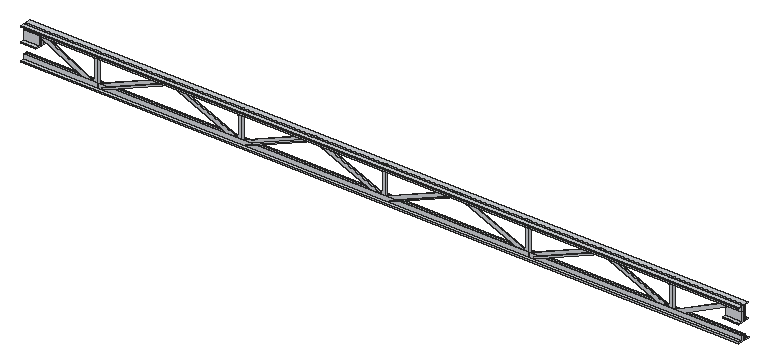
Revit family "4e0daa977d854de9ae36f32a67047441", category Structural Framing, Revit 2021
Family settings
  Structural Framing Length Roundoff = 0' - 0 1/16"
  Section Shape = Not Defined
  Material for Model Behavior = Steel
  Always export as geometry = Yes
  OmniClass Number = 23.25.30.21.14.11
  OmniClass Title = Metal Joists
  Seek Item ID = BG Joist Girder-0000-USA-ENU
  Always vertical = Yes
  Cut with Voids When Loaded = No
  Symbolic Representation = From Family
  Shared = No
  Show family pre-cut in plan views = Yes
Parameters (values of type "16BG")
  Web Thickness = 0' - 1"
  Vertical Member Visibility = yes
  Structural Material = none
  Start Offset [instance] = 0' - 0"
  Top Chord Start Extension [instance] = 0' - 0"
  SpaceNum [instance] = 2 * HalfSpaceNum  # 10
  Seat Length = 0' - 8"
  Seat Depth [instance] = 0' - 7 1/2"
  PanelWidth [instance] = Length / SpaceNum  # 3' - 0"
  PanelArrayNum [instance] = SpaceNum - 3  # 7
  Panel Point Load [instance] = 4.00 kip
  Offset Length 2 [instance] = End Panel - End Offset + Bottom Chord End Extension  # 3' - 0"
  Offset Length 1 [instance] = End Panel - Start Offset + Bottom Chord Start Extension  # 3' - 0"
  HalfSpaceNum [instance] = 5
  Girder Type = "BG"
  Depth = 1' - 4"
  Bottom Chord Start Extension [instance] = 0' - 0"
  Bottom Chord End Extension [instance] = 0' - 0"
  PanelArrayNum 2 [instance] = Half PanelArrayNum - 1  # 3
  PanelArrayNum 1 [instance] = Half PanelArrayNum  # 4
  Half PanelArrayNum [instance] = PanelArrayNum / 2  # 4
  End Panel [instance] = PanelWidth  # 3' - 0"
  End Offset [instance] = 0' - 0"
  Top Chord End Extension [instance] = 0' - 0"
  Cord Leg = 0' - 2 1/2"
  Chord Thickness = 0' - 0 1/2"
  Assembly Code = "B1010350"
  Length [instance] = 30' - 0"
Reference planes (in)
  plane 1 "Center (Front/Back)": y = 0
  plane 2: z = 0
  plane 3 "Center (Left/Right)": x = 18.04904
  plane 4 "Member Left": x = -135.95096
  plane 5 "Member Right": x = 140.1815
  plane 6: y = 3
  plane 7: y = -3
  plane 8: z = 8
  plane 9: z = -8
  plane 10 "Left": x = -161.95096
  plane 11 "Stick Symbol Left": x = -220.8185
  plane 12 "Stick Symbol Right": x = 260.1815
  plane 13 "Right": x = 198.04904
  plane 14: z = 0.5
  plane 15: x = -153.95096
  plane 16: x = -125.95096
  plane 17: x = 190.04904
  plane 18: x = 162.04904
  plane 19: y = 0.5
  plane 20: y = -0.5
  plane 21: z = 5.5
  plane 22: z = -5.5
  plane 23: z = -7.75
  plane 24: z = 7.75
  plane 25: x = -161.95096
  plane 26: x = 198.04904
  plane 27: x = -161.95096
  plane 28: x = 198.04904
  plane 29 "111111111": x = 126.04904
  plane 30: x = 90.04904
  plane 31: x = -89.95096
  plane 32: x = -161.95096
  plane 33: x = 198.04904
  plane 34: x = -53.95096
  plane 35: x = -17.95096
  plane 36: x = -220.8185
  plane 37 "Symbol Left": x = -220.8185
  plane 38 "Symbol Right": x = 260.1815
  plane 39: x = 260.1815
Forms (in)
  Extrusion 1, solid, material <- "Structural Material", detail levels medium+fine
    sketch origin (18.04904, 0, 0) x (0, 1, 0) y (0, 0, 1)
      loop
        line (3, 8) -> (0.5, 8) -> (0.5, 5.5) -> (1, 5.5) -> (1, 7.5) -> (3, 7.5) -> (3, 8)
      loop
        line (-3, 8) -> (-3, 7.5) -> (-1, 7.5) -> (-1, 5.5) -> (-0.5, 5.5) -> (-0.5, 8) -> (-3, 8)
    from -180 to 180
  Extrusion 2, solid, material <- "Structural Material", detail levels medium+fine
    sketch origin (18.04904, 0, 0) x (0, 1, 0) y (0, 0, 1)
      loop
        line (0.5, -5.5) -> (0.5, -8) -> (3, -8) -> (3, -7.5) -> (1, -7.5) -> (1, -5.5) -> (0.5, -5.5)
      loop
        line (-0.5, -5.5) -> (-1, -5.5) -> (-1, -7.5) -> (-3, -7.5) -> (-3, -8) -> (-0.5, -8) -> (-0.5, -5.5)
    from -180 to 180
  Extrusion 3, solid, material <- "Structural Material", detail levels medium+fine
    sketch origin (18.04904, 0, 0) x (0, 1, 0) y (0, 0, 1)
      loop
        line (3, 0.5) -> (3, 1) -> (1, 1) -> (1, 5.5) -> (0.5, 5.5) -> (0.5, 0.5) -> (3, 0.5)
      loop
        line (-3, 0.5) -> (-0.5, 0.5) -> (-0.5, 5.5) -> (-1, 5.5) -> (-1, 1) -> (-3, 1) -> (-3, 0.5)
    from 172 to 180
  Extrusion 4, solid, material <- "Structural Material", detail levels medium+fine
    sketch origin (18.04904, 0, 0) x (0, 1, 0) y (0, 0, 1)
      loop
        line (-3, 0.5) -> (-0.5, 0.5) -> (-0.5, 5.5) -> (-1, 5.5) -> (-1, 1) -> (-3, 1) -> (-3, 0.5)
      loop
        line (0.5, 0.5) -> (3, 0.5) -> (3, 1) -> (1, 1) -> (1, 5.5) -> (0.5, 5.5) -> (0.5, 0.5)
    from -180 to -172
  Sweep 5, solid, material <- "Structural Material", detail levels fine
    path in 3D
      loop
        line (162.04904, 0, -7.75) -> (190.04904, 0, 5.5)
    profile "Web-Profile : Web-Profile" origin (176.04904, 0, -1.125) x (-0.427739, 0, 0.903902) y (0, -1, 0)
      loop
        line (-1, 0.75) -> (-1, 0.25) -> (1, 0.25) -> (1, 0.75) -> (-1, 0.75)
  Sweep 6, solid, material <- "Structural Material", detail levels fine
    path in 3D
      loop
        line (-153.95096, 0, 5.5) -> (-125.95096, 0, -7.75)
    profile "Web-Profile : Web-Profile" origin (-139.95096, 0, -1.125) x (0.427739, 0, 0.903902) y (0, -1, 0)
      loop
        line (-1, 0.25) -> (-1, -0.25) -> (1, -0.25) -> (1, 0.25) -> (-1, 0.25)
Lines and regions (in)
  symbolic lines, style "StructuralFraming", detail levels coarse
    curve 1: line (0, 3, 8) -> (0, 0.5, 8)
    curve 2: line (0, -3, -8) -> (0, -0.5, -8)
    curve 12: line (0, 0.5, -8) -> (0, 3, -8)
    curve 13: line (18.04904, 0.5, -8) -> (18.04904, 0.5, -5.5)
    curve 14: line (18.04904, -0.5, -8) -> (18.04904, -0.5, -5.5)
    curve 15: line (18.04904, -0.5, 8) -> (18.04904, -0.5, 5.5)
    curve 16: line (18.04904, 0.5, 8) -> (18.04904, 0.5, 5.5)
    curve 17: line (0, -0.5, 8) -> (0, -3, 8)
  symbolic lines, style "StructuralFraming", detail levels coarse+medium
    curve 3: line (0, 0, -8) -> (0, 0, 8)
  reference lines
    curve 4: line (-212.8185, 0, -12.86251) -> (-212.8185, 0, 11.13749)
    curve 5: line (-176.8185, 0, -13.11251) -> (-176.8185, 0, 11.13749)
    curve 6: line (252.1815, 0, -10.77905) -> (252.1815, 0, 11.22095)
    curve 7: line (216.1815, 0, -15.77905) -> (216.1815, 0, 11.22095)
  model lines, style "Joist Girder", detail levels coarse
    curve 8: line (216.1815, 0, -8) -> (-176.8185, 0, -8)
    curve 9: line (260.1815, 0, 8) -> (-220.8185, 0, 8)
  model lines, style "StructuralFraming", detail levels medium
    curve 10: line (-153.95096, 0, 5.5) -> (-125.95096, 0, -7.75)
    curve 11: line (162.04904, 0, -7.75) -> (190.04904, 0, 5.5)
  model lines, style "Web Joist", detail levels coarse
    curve 18: line (-176.8185, 0, -8) -> (-212.8185, 0, 8)
    curve 19: line (216.1815, 0, -8) -> (252.1815, 0, 8)
  sketch lines
    curve 20: line (162.04904, 0, -7.75) -> (190.04904, 0, 5.5)
    curve 21: line (-153.95096, 0, 5.5) -> (-125.95096, 0, -7.75)
  symbolic lines, detail levels fine
    curve 22: line (18.04904, 0.5, 7.75) -> (18.04904, -0.5, 7.75)
    curve 23: line (18.04904, 0.5, -7.75) -> (18.04904, -0.5, -7.75)
    curve 24: line (18.04904, 0.5, -5.5) -> (18.04904, 0.5, 5.5)
    curve 25: line (18.04904, -0.5, -5.5) -> (18.04904, -0.5, 5.5)
Dimensions and locks (in)
  equal spacing: plane 9, plane 2, plane 8
  "Length": plane 10 "Left" to plane 13 "Right"
  equal spacing: plane 10 "Left", plane 3 "Center (Left/Right)", plane 13 "Right"
  "End Panel": curve 5 to curve 4
  "End Panel": curve 6 to curve 7
  "Depth": plane 9 to plane 8
  "Seat Depth": plane 8 to plane 14
  "End Panel": plane 10 "Left" to plane 16
  "End Panel": plane 13 "Right" to plane 18
  "Web Thickness": plane 19 to plane 20
  equal spacing: plane 19, plane 1 "Center (Front/Back)", plane 20
  "Cord Leg": plane 20 to plane 7
  "Cord Leg": plane 6 to plane 19
  "Cord Leg": plane 9 to plane 22
  "Cord Leg": plane 21 to plane 8
  "Chord Thickness": plane 8 to Extrusion 1 sketch curve
  "Chord Thickness": Extrusion 1 sketch curve to plane 8
  "Chord Thickness": plane 20 to Extrusion 1 sketch curve
  "Chord Thickness": Extrusion 1 sketch curve to plane 19
  "Chord Thickness": plane 9 to Extrusion 2 sketch curve  (x2)
  "Chord Thickness": Extrusion 2 sketch curve to plane 19
  "Chord Thickness": plane 20 to Extrusion 2 sketch curve
  "Chord Thickness": plane 14 to Extrusion 3 sketch curve  (x2)
  "Chord Thickness": plane 20 to Extrusion 3 sketch curve
  "Chord Thickness": Extrusion 3 sketch curve to plane 19
  "Chord Thickness": plane 14 to Extrusion 4 sketch curve  (x2)
  "Chord Thickness": Extrusion 4 sketch curve to plane 19
  "Chord Thickness": plane 20 to Extrusion 4 sketch curve
  locked: plane 23 to plane 9 at 0.25
  locked: plane 8 to plane 24 at 0.25
  "Start Offset": plane 10 "Left" to plane 27
  "Seat Length": plane 27 to plane 15
  "Top Chord Start Extension": plane 25 to plane 27
  "End Offset": plane 28 to plane 13 "Right"
  "Seat Length": plane 17 to plane 28
  "Top Chord End Extension": plane 28 to plane 26
  "PanelWidth": plane 18 to plane 29 "111111111"
  "PanelWidth": plane 29 "111111111" to plane 30
  "PanelWidth": plane 16 to plane 31
  "Offset Length 1": plane 16 to plane 32
  "Offset Length 2": plane 33 to plane 18
  "PanelWidth": plane 34 to plane 31
  "PanelWidth": plane 35 to plane 34
  equal spacing: group 1, group 2, group 3, group 6  (x3)
  equal spacing: group 4, group 5, group 7  (x3)
  plane 30 to plane 16 = 18' - 0"
  "Seat Length": curve 4 to plane 36
  "Start Offset": plane 36 to plane 11 "Stick Symbol Left"
  "Top Chord Start Extension": plane 36 to plane 37 "Symbol Left"
  "Seat Length": plane 39 to curve 6
  "End Offset": plane 12 "Stick Symbol Right" to plane 39
  "Top Chord End Extension": plane 38 "Symbol Right" to plane 39
  aligned and locked: curve 8 to plane 9
  aligned and locked: curve 9 to plane 8
  aligned and locked: curve 5 to curve 8
  aligned and locked: curve 7 to curve 8
  aligned and locked: plane 8 to Extrusion 1 sketch curve
  aligned and locked: Extrusion 1 sketch curve to plane 8
  aligned and locked: plane 6 to Extrusion 1 sketch curve
  aligned and locked: plane 7 to Extrusion 1 sketch curve
  aligned and locked: Extrusion 1 sketch curve to plane 21
  aligned and locked: plane 21 to Extrusion 1 sketch curve
  aligned and locked: plane 9 to Extrusion 2 sketch curve
  aligned and locked: Extrusion 2 sketch curve to plane 9
  aligned and locked: plane 6 to Extrusion 2 sketch curve
  aligned and locked: plane 7 to Extrusion 2 sketch curve
  aligned and locked: Extrusion 2 sketch curve to plane 19
  aligned and locked: Extrusion 2 sketch curve to plane 20
  aligned and locked: Extrusion 2 sketch curve to plane 22
  aligned and locked: plane 22 to Extrusion 2 sketch curve
  aligned and locked: Extrusion 3 sketch curve to plane 7
  aligned and locked: plane 14 to Extrusion 3 sketch curve
  aligned and locked: Extrusion 3 sketch curve to plane 14
  aligned and locked: Extrusion 3 sketch curve to plane 6
  aligned and locked: Extrusion 3 sketch curve to plane 20
  aligned and locked: Extrusion 3 sketch curve to plane 19
  aligned and locked: Extrusion 3 sketch curve to plane 21
  aligned and locked: plane 21 to Extrusion 3 sketch curve
  aligned and locked: Extrusion 3 to plane 17
  aligned and locked: plane 6 to Extrusion 4 sketch curve
  aligned and locked: Extrusion 4 sketch curve to plane 7
  aligned and locked: Extrusion 4 sketch curve to plane 19
  aligned and locked: plane 20 to Extrusion 4 sketch curve
  aligned and locked: plane 21 to Extrusion 4 sketch curve  (x2)
  aligned and locked: Extrusion 4 sketch curve to plane 14  (x2)
  aligned and locked: plane 15 to Extrusion 4
  aligned and locked: Extrusion 2 to curve 13
  aligned and locked: curve 13 to Extrusion 2
  aligned and locked: curve 2 to curve 14
  aligned and locked: curve 14 to Extrusion 2
  aligned and locked: Extrusion 1 to curve 15
  aligned and locked: curve 15 to Extrusion 1
  aligned and locked: curve 16 to Extrusion 1  (x2)
  aligned and locked: curve 1 to Extrusion 1
  aligned and locked: curve 11 to Extrusion 3
  aligned and locked: curve 4 to curve 18
  aligned and locked: curve 6 to curve 19
  aligned and locked: plane 25 to Extrusion 1
  aligned and locked: Extrusion 3 to plane 26
  aligned and locked: Extrusion 1 to plane 26
  aligned and locked: plane 25 to Extrusion 4
  aligned and locked: plane 15 to curve 10
  aligned and locked: Extrusion 1 to curve 10
  aligned and locked: plane 17 to curve 11
  aligned and locked: plane 16 to curve 10
  aligned and locked: plane 23 to curve 10
  aligned and locked: nested 1 to plane 16
  aligned and locked: plane 1 "Center (Front/Back)" to nested 1
  aligned and locked: plane 9 to nested 1
  aligned and locked: nested 2 to plane 31
  aligned and locked: plane 9 to nested 2
  aligned and locked: nested 2 to plane 1 "Center (Front/Back)"
  aligned and locked: plane 18 to curve 11
  aligned and locked: plane 23 to curve 11
  aligned and locked: Extrusion 2 to plane 32
  aligned and locked: plane 33 to Extrusion 2
  aligned and locked: plane 34 to nested 3
  aligned and locked: plane 35 to nested 5
  aligned and locked: nested 6 to plane 1 "Center (Front/Back)"
  aligned and locked: nested 6 to plane 18
  aligned and locked: plane 9 to nested 6
  aligned and locked: plane 37 "Symbol Left" to curve 9
  aligned and locked: plane 38 "Symbol Right" to curve 9
Automatic sketch dimensions
  Extrusion 1 sketch curve to plane 20 = 0' - 0"
  Extrusion 1 sketch curve to plane 19 = 0' - 0"
  curve 12 to plane 6 = 0' - 0"
  curve 1 to plane 6 = 0' - 0"
  curve 12 to plane 9 = 0' - 0"
  curve 12 to plane 19 = 0' - 0"
  curve 1 to plane 19 = 0' - 0"
  curve 17 to plane 8 = 0' - 0"
  curve 17 to plane 20 = 0' - 0"
  curve 17 to plane 7 = 0' - 0"
  plane 9 to curve 7 = 0' - 7.77905"
  plane 9 to curve 5 = 0' - 5.11251"
  plane 9 to curve 4 = 0' - 4.86251"
  plane 9 to curve 6 = 0' - 2.77905"
  curve 5 to plane 8 = 0' - 3.13749"
  curve 4 to plane 8 = 0' - 3.13749"
  curve 7 to plane 8 = 0' - 3.22095"
  curve 6 to plane 8 = 0' - 3.22095"
  curve 2 to plane 7 = 0' - 0"
  curve 2 to plane 9 = 0' - 0"
  curve 2 to plane 20 = 0' - 0"
  curve 3 to plane 1 "Center (Front/Back)" = 0' - 0"
  curve 3 to plane 9 = 0' - 0"
  curve 23 to plane 23 = 0' - 0"
  curve 25 to plane 22 = 0' - 0"
  curve 24 to plane 22 = 0' - 0"
  curve 16 to plane 21 = 0' - 0"
  curve 15 to plane 21 = 0' - 0"
  curve 22 to plane 24 = 0' - 0"
  curve 3 to plane 8 = 0' - 0"
Nested families (in)
  nested 1: "BG Angled Web 1" at (-125.95096, 0, 0), type "BG Angled Web 1"
  nested 2: "BG Angled Web 2" at (-53.95096, 0, 0) x (-1, 0, 0) z (0, 0, 1), type "BG Angled Web 2"
  nested 3: "BG Angled Web 1" at (-53.95096, 0, 0), type "BG Angled Web 1"
  nested 4: "BG Angled Web 1" at (18.04904, 0, 0), type "BG Angled Web 1"
  nested 5: "BG Angled Web 2" at (18.04904, 0, 0) x (-1, 0, 0) z (0, 0, 1), type "BG Angled Web 2"
  nested 6: "BG Angled Web-Right" at (162.04904, 0, 0) x (-1, 0, 0) z (0, 0, 1), type "BG Angled Web-Right"
  nested 7: "BG Angled Web 1" at (90.04904, 0, 0), type "BG Angled Web 1"
  nested 8: "BG Angled Web 2" at (90.04904, 0, 0) x (-1, 0, 0) z (0, 0, 1), type "BG Angled Web 2"
Definition of nested family "BG Angled Web 1"
  Parameters
    WebMaterial = none
    Web Thickness = Thickness / 2  # 0' - 0 1/2"
    Web Offset = Web Leg / 2  # 0' - 1"
    Web Leg = 0' - 2"
    Vertical Member Visibility = yes
    Thickness = 0' - 1"
    PanelHeight = 1' - 4"
    PanelWidth = 3' - 0"
    Assembly Code = ""
  Reference planes (in)
    plane 1 "Center (Front/Back)": y = 0
    plane 2: z = 0
    plane 3 "Center (Left/Right)": x = 0
    plane 4: x = 36
    plane 5: z = -8
    plane 6: z = -7
    plane 7: z = 7
    plane 8: z = 8
    plane 9: y = -0.5
    plane 10: y = 0.5
    plane 11: z = 5.5
    plane 12: z = -5.5
  Forms (in)
    Sweep 1, solid, material <- "WebMaterial", detail levels fine
      path in 3D
        loop
          line (0, 0, -7) -> (1, 0, -7) -> (35, 0, 7) -> (36, 0, 7)
      profile origin (0.5, 0, -7) x (0, 0, 1) y (0, -1, 0)
        loop
          line (1, 0) -> (1, 0.5) -> (-1, 0.5) -> (-1, 0) -> (1, 0)
    Sweep 2, solid, material <- "WebMaterial", detail levels fine
      path in 3D
        loop
          line (4.46706, -0.5, -6.65385) -> (34.54398, -0.5, 5.73077)
      profile origin (19.50552, -0.5, -0.46154) x (-0.38075, 0, 0.924678) y (0, -1, 0)
        loop
          line (0, 0) -> (0.5, 0) -> (0.5, 1.5) -> (0, 1.5) -> (0, 0)
    Sweep 3, solid, material <- "WebMaterial", visible <- "Vertical Member Visibility", detail levels fine
      path origin (0, 0, 0) x (1, 0, 0) y (0, 1, 0)
        loop
          line (0, 0.5) -> (0, -0.5)
      profile origin (0, 0, 0) x (1, 0, 0) y (0, 0, 1)
        loop
          line (-1, 8) -> (-1, 4.75) -> (-0.5625, 4.3125) -> (-0.5625, -4.3125) -> (-1, -4.75) -> (-1, -8) -> (1, -8) -> (1, 8) -> (-1, 8)
  Cuts and joins
    joined: Sweep 1, Sweep 2
  Lines and regions (in)
    model lines, detail levels medium+fine
      curve 1: line (0, 0, -8) -> (0, 0, 8)
      curve 2: line (0, 0, 8) -> (36, 0, 8)
      curve 3: line (36, 0, 8) -> (36, 0, -8)
      curve 4: line (36, 0, -8) -> (0, 0, -8)
    model lines, detail levels medium
      curve 5: line (35, 0, 7) -> (36, 0, 7)
      curve 6: line (0, 0, -7) -> (1, 0, -7)
      curve 7: line (1, 0, -7) -> (35, 0, 7)
    sketch lines
      curve 8: line (0, 0, -7) -> (1, 0, -7)
      curve 9: line (1, 0, -7) -> (35, 0, 7)
      curve 10: line (35, 0, 7) -> (36, 0, 7)
      curve 11: line (4.46706, -0.5, -6.65385) -> (34.54398, -0.5, 5.73077)
    model lines, visible <- "Vertical Member Visibility", detail levels medium
      curve 12: line (0, 0, 8) -> (0, 0, -8)
  Dimensions and locks (in)
    plane 6 to plane 5 = 0' - 1"
    "Thickness": plane 8 to plane 7
    "PanelHeight": plane 8 to plane 5
    equal spacing: plane 8, plane 2, plane 5
    "Thickness": plane 10 to plane 9
    equal spacing: plane 10, plane 1 "Center (Front/Back)", plane 9
    locked: plane 8 to plane 11 at 2.5
    plane 12 to plane 5 = 0' - 2 1/2"
    "Web Offset": plane 6 to plane 5
    "Web Offset": curve 6 to plane 3 "Center (Left/Right)"
    "Web Offset": curve 5 to plane 4
    "Web Leg": Sweep 1 sketch curve to Sweep 1 sketch curve
    equal spacing: Sweep 1 sketch curve, plane 6, Sweep 1 sketch curve
    "Web Leg": plane 1 "Center (Front/Back)" to Sweep 2 sketch curve
    "Web Thickness": Sweep 2 sketch curve to Sweep 2 sketch curve
    "PanelWidth": plane 4 to plane 3 "Center (Left/Right)"
    equal spacing: Sweep 3 sketch curve, plane 3 "Center (Left/Right)", Sweep 3 sketch curve
    "Web Leg": Sweep 3 sketch curve to Sweep 3 sketch curve  (x2)
    locked: Sweep 3 sketch curve to Sweep 3 sketch curve at 3.25  (x2)
    locked: Sweep 3 sketch curve to Sweep 3 sketch curve at 0.4375
    equal spacing: Sweep 3 sketch curve, plane 2, Sweep 3 sketch curve
    locked: Sweep 3 sketch curve to Sweep 3 sketch curve (angle 45.00°)  (x2)
    aligned and locked: plane 7 to curve 5
    aligned and locked: plane 6 to curve 6
    aligned and locked: Sweep 1 sketch curve to plane 9
    aligned and locked: Sweep 1 sketch curve to plane 1 "Center (Front/Back)"
    aligned and locked: Sweep 1 to curve 11
    aligned and locked: Sweep 2 sketch curve to profile plane
    aligned and locked: plane 9 to Sweep 2 sketch curve
    aligned and locked: plane 4 to curve 5
    aligned and locked: plane 4 to curve 3
    aligned and locked: plane 3 "Center (Left/Right)" to curve 1
    aligned and locked: curve 4 to plane 5
    aligned and locked: Sweep 3 sketch curve to plane 3 "Center (Left/Right)"
    aligned and locked: plane 10 to Sweep 3 sketch curve
    aligned and locked: plane 9 to Sweep 3 sketch curve
    aligned and locked: curve 12 to plane 3 "Center (Left/Right)"
    aligned and locked: plane 8 to curve 12
    aligned and locked: plane 5 to curve 12
    aligned and locked: Sweep 3 sketch curve to plane 8
    aligned and locked: Sweep 3 sketch curve to plane 5
Definition of nested family "BG Angled Web 2"
  Parameters
    WebMaterial = none
    Web Thickness = Thickness / 2  # 0' - 0 1/2"
    Web Offset = Web Leg / 2  # 0' - 1"
    Web Leg = 0' - 2"
    Thickness = 0' - 1"
    PanelHeight = 1' - 4"
    PanelWidth = 3' - 0"
    Assembly Code = ""
  Reference planes (in)
    plane 1 "Center (Front/Back)": y = 0
    plane 2: z = 0
    plane 3 "Center (Left/Right)": x = 0
    plane 4: x = 36
    plane 5: z = -8
    plane 6: z = -7
    plane 7: z = 7
    plane 8: z = 8
    plane 9: y = -0.5
    plane 10: y = 0.5
    plane 11: z = 5.5
    plane 12: z = -5.5
  Forms (in)
    Sweep 1, solid, material <- "WebMaterial", detail levels fine
      path in 3D
        loop
          line (0, 0, -7) -> (1, 0, -7) -> (35, 0, 7) -> (36, 0, 7)
      profile origin (0.5, 0, -7) x (0, 0, 1) y (0, -1, 0)
        loop
          line (1, 0) -> (1, 0.5) -> (-1, 0.5) -> (-1, 0) -> (1, 0)
    Sweep 2, solid, material <- "WebMaterial", detail levels fine
      path in 3D
        loop
          line (4.46706, -0.5, -6.65385) -> (34.54398, -0.5, 5.73077)
      profile origin (19.50552, -0.5, -0.46154) x (-0.38075, 0, 0.924678) y (0, -1, 0)
        loop
          line (0, 0) -> (0.5, 0) -> (0.5, 1.5) -> (0, 1.5) -> (0, 0)
  Cuts and joins
    joined: Sweep 1, Sweep 2
  Lines and regions (in)
    model lines, detail levels medium+fine
      curve 1: line (0, 0, -8) -> (0, 0, 8)
      curve 2: line (0, 0, 8) -> (36, 0, 8)
      curve 3: line (36, 0, 8) -> (36, 0, -8)
      curve 4: line (36, 0, -8) -> (0, 0, -8)
    model lines, detail levels medium
      curve 5: line (35, 0, 7) -> (36, 0, 7)
      curve 6: line (0, 0, -7) -> (1, 0, -7)
      curve 7: line (1, 0, -7) -> (35, 0, 7)
    sketch lines
      curve 8: line (0, 0, -7) -> (1, 0, -7)
      curve 9: line (1, 0, -7) -> (35, 0, 7)
      curve 10: line (35, 0, 7) -> (36, 0, 7)
      curve 11: line (4.46706, -0.5, -6.65385) -> (34.54398, -0.5, 5.73077)
  Dimensions and locks (in)
    plane 6 to plane 5 = 0' - 1"
    "Thickness": plane 8 to plane 7
    "PanelHeight": plane 8 to plane 5
    equal spacing: plane 8, plane 2, plane 5
    "Thickness": plane 10 to plane 9
    equal spacing: plane 10, plane 1 "Center (Front/Back)", plane 9
    locked: plane 8 to plane 11 at 2.5
    plane 12 to plane 5 = 0' - 2 1/2"
    "Web Offset": plane 6 to plane 5
    "Web Offset": curve 6 to plane 3 "Center (Left/Right)"
    "Web Offset": curve 5 to plane 4
    "Web Leg": Sweep 1 sketch curve to Sweep 1 sketch curve
    equal spacing: Sweep 1 sketch curve, plane 6, Sweep 1 sketch curve
    "Web Leg": plane 1 "Center (Front/Back)" to Sweep 2 sketch curve
    "Web Thickness": Sweep 2 sketch curve to Sweep 2 sketch curve
    "PanelWidth": plane 4 to plane 3 "Center (Left/Right)"
    aligned and locked: plane 7 to curve 5
    aligned and locked: plane 6 to curve 6
    aligned and locked: plane 8 to curve 2
    aligned and locked: Sweep 1 sketch curve to plane 9
    aligned and locked: Sweep 1 sketch curve to plane 1 "Center (Front/Back)"
    aligned and locked: Sweep 1 to curve 11
    aligned and locked: Sweep 2 sketch curve to profile plane
    aligned and locked: plane 9 to Sweep 2 sketch curve
    aligned and locked: plane 4 to curve 5
    aligned and locked: plane 4 to curve 3
    aligned and locked: plane 3 "Center (Left/Right)" to curve 1
    aligned and locked: curve 4 to plane 5
Definition of nested family "BG Angled Web-Right"
  Parameters
    WebMaterial = none
    Web Thickness = Thickness / 2  # 0' - 0 1/2"
    Web Offset = Web Leg / 2  # 0' - 1"
    Web Leg = 0' - 2"
    Vertical Member Visibility = yes
    Thickness = 0' - 1"
    PanelHeight = 1' - 4"
    PanelWidth = 3' - 0"
    Assembly Code = ""
  Reference planes (in)
    plane 1 "Center (Front/Back)": y = 0
    plane 2: z = 0
    plane 3 "Center (Left/Right)": x = 0
    plane 4: x = 36
    plane 5: z = -8
    plane 6: z = -7
    plane 7: z = 7
    plane 8: z = 8
    plane 9: y = -0.5
    plane 10: y = 0.5
    plane 11: z = 5.5
    plane 12: z = -5.5
  Forms (in)
    Sweep 1, solid, material <- "WebMaterial", detail levels fine
      path in 3D
        loop
          line (0, 0, -7) -> (1, 0, -7) -> (35, 0, 7) -> (36, 0, 7)
      profile origin (0.5, 0, -7) x (0, 0, 1) y (0, -1, 0)
        loop
          line (1, 0) -> (1, 0.5) -> (-1, 0.5) -> (-1, 0) -> (1, 0)
    Sweep 2, solid, material <- "WebMaterial", detail levels fine
      path in 3D
        loop
          line (4.46706, -0.5, -6.65385) -> (34.54398, -0.5, 5.73077)
      profile origin (19.50552, -0.5, -0.46154) x (-0.38075, 0, 0.924678) y (0, -1, 0)
        loop
          line (0, 0) -> (0.5, 0) -> (0.5, 1.5) -> (0, 1.5) -> (0, 0)
    Sweep 3, solid, material <- "WebMaterial", visible <- "Vertical Member Visibility", detail levels fine
      path origin (0, 0, 0) x (1, 0, 0) y (0, 1, 0)
        loop
          line (0, 0.5) -> (0, -0.5)
      profile origin (0, 0, 0) x (1, 0, 0) y (0, 0, 1)
        loop
          line (-1, 8) -> (-1, -8) -> (1, -8) -> (1, -4.75) -> (0.5625, -4.3125) -> (0.5625, 4.3125) -> (1, 4.75) -> (1, 8) -> (-1, 8)
  Cuts and joins
    joined: Sweep 1, Sweep 2
  Lines and regions (in)
    model lines, detail levels medium+fine
      curve 1: line (0, 0, -8) -> (0, 0, 8)
      curve 2: line (0, 0, 8) -> (36, 0, 8)
      curve 3: line (36, 0, 8) -> (36, 0, -8)
      curve 4: line (36, 0, -8) -> (0, 0, -8)
    model lines, detail levels medium
      curve 5: line (35, 0, 7) -> (36, 0, 7)
      curve 6: line (0, 0, -7) -> (1, 0, -7)
      curve 7: line (1, 0, -7) -> (35, 0, 7)
    sketch lines
      curve 8: line (0, 0, -7) -> (1, 0, -7)
      curve 9: line (1, 0, -7) -> (35, 0, 7)
      curve 10: line (35, 0, 7) -> (36, 0, 7)
      curve 11: line (4.46706, -0.5, -6.65385) -> (34.54398, -0.5, 5.73077)
    model lines, visible <- "Vertical Member Visibility", detail levels medium
      curve 12: line (0, 0, 8) -> (0, 0, -8)
  Dimensions and locks (in)
    plane 6 to plane 5 = 0' - 1"
    "Thickness": plane 8 to plane 7
    "PanelHeight": plane 8 to plane 5
    equal spacing: plane 8, plane 2, plane 5
    "Thickness": plane 10 to plane 9
    equal spacing: plane 10, plane 1 "Center (Front/Back)", plane 9
    locked: plane 8 to plane 11 at 2.5
    plane 12 to plane 5 = 0' - 2 1/2"
    "Web Offset": plane 6 to plane 5
    "Web Offset": curve 6 to plane 3 "Center (Left/Right)"
    "Web Offset": curve 5 to plane 4
    "Web Leg": Sweep 1 sketch curve to Sweep 1 sketch curve
    equal spacing: Sweep 1 sketch curve, plane 6, Sweep 1 sketch curve
    "Web Leg": plane 1 "Center (Front/Back)" to Sweep 2 sketch curve
    "Web Thickness": Sweep 2 sketch curve to Sweep 2 sketch curve
    "PanelWidth": plane 4 to plane 3 "Center (Left/Right)"
    equal spacing: Sweep 3 sketch curve, plane 3 "Center (Left/Right)", Sweep 3 sketch curve  (x2)
    "Web Leg": Sweep 3 sketch curve to Sweep 3 sketch curve
    locked: Sweep 3 sketch curve to Sweep 3 sketch curve at 3.25  (x2)
    Sweep 3 sketch curve to Sweep 3 sketch curve = 0' - 0 7/16"
    equal spacing: Sweep 3 sketch curve, plane 2, Sweep 3 sketch curve
    locked: Sweep 3 sketch curve to Sweep 3 sketch curve (angle 45.00°)  (x2)
    aligned and locked: plane 7 to curve 5
    aligned and locked: plane 6 to curve 6
    aligned and locked: Sweep 1 sketch curve to plane 9
    aligned and locked: Sweep 1 sketch curve to plane 1 "Center (Front/Back)"
    aligned and locked: Sweep 1 to curve 11
    aligned and locked: Sweep 2 sketch curve to profile plane
    aligned and locked: plane 9 to Sweep 2 sketch curve
    aligned and locked: plane 4 to curve 5
    aligned and locked: plane 4 to curve 3
    aligned and locked: plane 3 "Center (Left/Right)" to curve 1
    aligned and locked: curve 4 to plane 5
    aligned and locked: Sweep 3 sketch curve to plane 3 "Center (Left/Right)"
    aligned and locked: plane 10 to Sweep 3 sketch curve
    aligned and locked: plane 9 to Sweep 3 sketch curve
    aligned and locked: curve 12 to plane 3 "Center (Left/Right)"
    aligned and locked: plane 8 to curve 12
    aligned and locked: plane 5 to curve 12
    aligned and locked: Sweep 3 sketch curve to plane 8
    aligned and locked: Sweep 3 sketch curve to plane 5
